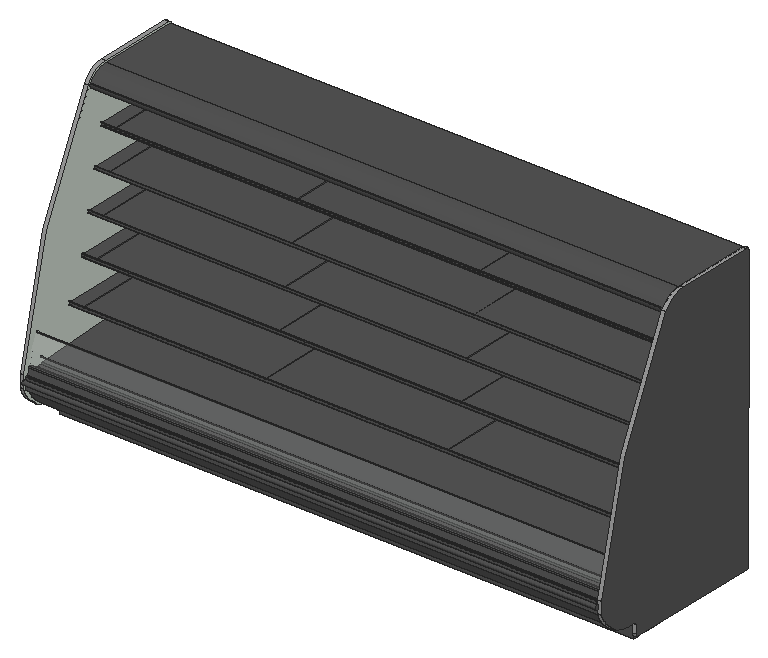
Revit family "E5_2014", category Specialty Equipment, Revit 2014
Parameters (values of type "12'-0" Length")
  Width = 144 3/8"
  Waste Drain Location = if(Width = 48 1/8", 23 7/8", if(Width = 72 1/8", 48 1/16", if(Width = 96 1/4", 71 7/8", if(Width = 144 3/8", 72 3/8", 0"))))  # 72 3/8"
  Waste Drain = 1 1/2"  # constant formula
  URL = "www.hussmann.com"
  Type Comments = "Elite"  # constant formula
  Trim = Stainless Steel
  Total Weight = Case Weight + (2 * End Weight)  # 14200.00 lbf
  Splashguard = Textured Sheet Metal (Steel Painted) - 701 Black
  Side Panel - Right [instance] = yes
  Side Panel - Left [instance] = yes
  Shelves = Sheet Metal (Steel Painted) - 701 Black
  Shelf Lights [instance] = yes
  Shelf [instance] = yes
  Revit Family Date = "05/26/2016"  # constant formula
  Refrigeration Lines Suction = 7/8"  # constant formula
  Refrigeration Lines Liquid = 3/8"  # constant formula
  Refrig. Suction = "Suction"
  Refrig. Liquid = ""
  Number of Supports = if(Width < 50", 2, if(Width < 100", 3, 4))  # 4
  Number of Shelves = 5  # constant formula
  Note from Manufacturer = "This model only comes in 4'-0\", 6'-0\", 8'-0\", and 10'-0\" lengths."
  Model URL = "http://www.hussmann.com/en/product%20viewer/display-cases/E4,%20E5"
  Model = "E5"  # constant formula
  Manufacturer Disclaimer = "The information in this file is not intended to be an exact representation of the corresponding Hussmann product.  Further, we reserve the right to change or revise specifications and product design in connection with any feature of our products. Such changes do not entitle the buyer to corresponding changes, improvements, additions, or replacements for equipment previously sold or shipped."  # constant formula
  Manufacturer = "Hussmann Corporation"  # constant formula
  Height = 73"  # constant formula
  Glazing = Glass
  Ends = Textured Sheet Metal (Steel Painted) - 701 Black
  End Weight = 100.00 lbf  # constant formula
  Description = "Self-Serve, Six-Level Display (5 Shelves plus Bottom Deck)"  # constant formula
  Depth = 46 1/2"  # constant formula
  Cutsheet URL = "http://www.hussmann.com/en/Technical%20Documents/0453529_D_E5.pdf"
  Case Weight = if(Width = 48 1/8", 800.00 lbf, if(Width = 72 1/8", 1000.00 lbf, if(Width = 96 1/4", 1200.00 lbf, if(Width = 144 3/8", 14000.00 lbf, 0.00 lbf))))  # 14000.00 lbf
  Case Interior - Side Panel = Mirror
  Case Interior - Back Panel = Sheet Metal (Steel Painted) - 701 Black
  Case = Textured Sheet Metal (Steel Painted) - 701 Black
  Bumper = Extruded PVC - 701 Black
  Assembly Code = ""
  Accessories/Options = ""
Types (4): name | Width | Waste Drain Location | Total Weight | Refrig. Liquid | Number of Supports | Case Weight
  12'-0" Length | 144 3/8" | 72 3/8" | 14200.00 lbf | "" | 4 | 14000.00 lbf
  8'-0" Length | 96 1/4" | 71 7/8" | 1400.00 lbf | "Liquid" | 3 | 1200.00 lbf
  6'-0" Length | 72 1/8" | 48 1/16" | 1200.00 lbf | "Liquid" | 3 | 1000.00 lbf
  4'-0" Length | 48 1/8" | 23 7/8" | 1000.00 lbf | "" | 2 | 800.00 lbf
Reference planes (in)
  plane 1 "Back": y = 0
  plane 2 "Bottom": z = 0
  plane 3 "Left": x = -77.30699
  plane 4 "Front": y = -46.5
  plane 5 "Center (Left/Right)": x = -5.11949
  plane 6: x = -78.30699
  plane 7 "Right": x = 67.06801
  plane 8: x = 68.06801
  plane 9 "Top": z = 73
  plane 10: z = 24
  plane 11: z = 33
  plane 12: z = 42
  plane 13: z = 51
  plane 14: z = 60
Forms (in)
  Extrusion 1, solid, material "Metal - Copper"
    sketch origin (57.40105, 5, -0.375) x (1, 0, 0) y (0, 1, 0)
      loop
        circle (0.85446, -35.75) r 0.41359
      loop
        circle (0.85446, -35.75) r 0.4375
    from 5.742 to 4.367
  Extrusion 2, solid, material "Metal - Copper"
    sketch origin (59.82608, 5, -0.375) x (1, 0, 0) y (0, 1, 0)
      loop
        circle (-0.94557, -35.75) r 0.17188
      loop
        circle (-0.94557, -35.75) r 0.1875
    from 5.742 to 4.367
  Extrusion 3, solid, material "Metal - Copper"
    sketch origin (-56.6875, 1.04319, 0) x (1, 0, 0) y (0, 1, 0)
      loop
        arc (51.75551, -27.91819) -> (51.22518, -28.13786) -> (51.00551, -28.66819) r 0.75
        arc (51.00551, -28.66819) -> (51.22518, -29.19852) -> (51.75551, -29.41819) r 0.75
        arc (51.75551, -29.41819) -> (52.28584, -29.19852) -> (52.50551, -28.66819) r 0.75
        arc (52.50551, -28.66819) -> (52.28584, -28.13786) -> (51.75551, -27.91819) r 0.75
      loop
        circle (51.75551, -28.66819) r 0.7102
    from 5.367 to 2.937
  Extrusion 4, solid, material "Glass" <- "Glazing"
    sketch origin (-5.11949, 0, 0) x (0, 1, 0) y (0, 0, 1)
      loop
        line (-44.50959, 12.88862) -> (-44.1932, 14.68294)
        arc (-44.1932, 14.68294) -> (-43.27104, 18.17525) -> (-41.78034, 21.46531) r 21.62056
        arc (-41.78034, 21.46531) -> (-41.87149, 21.7867) -> (-42.19288, 21.69555) r 0.23622
        arc (-42.19288, 21.69555) -> (-43.71615, 18.3336) -> (-44.65846, 14.76498) r 22.093
        line (-44.65846, 14.76498) -> (-44.97485, 12.97066) -> (-44.50959, 12.88862)
      loop
        line (-40.8656, 13.23102) -> (-40.6156, 13.23102) -> (-40.6156, 15.60602)
        arc (-40.6156, 15.60602) -> (-40.7406, 15.73102) -> (-40.8656, 15.60602) r 0.125
        line (-40.8656, 15.60602) -> (-40.8656, 13.23102)
    from 72.1875 to -72.1875
  Extrusion 5, solid, material "Extruded PVC - 701 Black" <- "Bumper"
    sketch origin (-5.11949, 0, 0) x (0, 1, 0) y (0, 0, 1)
      loop
        arc (-45.94659, 12.55351) -> (-46.50009, 12.00001) -> (-45.94659, 11.44651) r 0.5535
        line (-45.94659, 11.44651) -> (-45.67609, 11.44651) -> (-45.67609, 12.55351) -> (-45.94659, 12.55351)
    from 72.1875 to -72.1875
  Extrusion 6, solid, material "Textured Sheet Metal (Steel Painted) - 701 Black" <- "Case"
    sketch origin (-5.11949, 0, 0) x (0, 1, 0) y (0, 0, 1)
      loop
        line (-45.67609, 10.24862) -> (-44.73721, 10.24862)
        arc (-44.73721, 10.24862) -> (-41.75268, 5.96635) -> (-36.79912, 4.3209) r 8.279
        line (-36.79912, 4.3209) -> (-36.06134, 4.3209) -> (-36.06134, 4.38714) -> (-36.43529, 4.38714) -> (-36.43529, 4.854) -> (-33.93228, 4.854) -> (-33.93228, 5.326) -> (-33.43228, 5.326) -> (-33.43228, 5.423) -> (-10.24695, 5.423) -> (-3.25, 9.46027) -> (-3.25, 58.497) -> (-0.144, 58.497) -> (-0.144, 57.497) -> (0, 57.497) -> (0, 73.00039) -> (-20.44085, 73.00039)
        arc (-20.44085, 73.00039) -> (-23.16891, 72.26062) -> (-25.30962, 70.41482) r 6.37988
        arc (-25.30962, 70.41482) -> (-25.35515, 70.32972) -> (-25.37453, 70.23517) r 0.335
        arc (-25.37453, 70.23517) -> (-25.1863, 69.50019) -> (-24.60768, 69.00946) r 1.25
        arc (-24.60768, 69.00946) -> (-24.55537, 69.03098) -> (-24.57689, 69.0833) r 0.04
        arc (-24.57689, 69.0833) -> (-24.83632, 69.23301) -> (-25.04923, 69.44369) r 1.17
        line (-25.04923, 69.44369) -> (-23.91618, 71.40653) -> (-20.45439, 71.40653) -> (-20.45439, 70.55204) -> (-19.22382, 69.32147) -> (-18.95423, 69.59106) -> (-16.62259, 67.25926) -> (-15.73735, 68.14442) -> (-9.61528, 68.14442) -> (-9.61528, 11.262) -> (-38.9886, 11.262) -> (-38.9886, 12.43402) -> (-38.78944, 12.43402) -> (-38.78944, 13.23102) -> (-40.8656, 13.23102) -> (-40.8656, 13.99702) -> (-42.17486, 13.99702) -> (-42.17486, 14.06002) -> (-44.10112, 15.17215)
        arc (-44.10112, 15.17215) -> (-44.14857, 14.92781) -> (-44.1932, 14.68294) r 21.62056
        line (-44.1932, 14.68294) -> (-44.50959, 12.88862) -> (-44.97485, 12.97066) -> (-44.65846, 14.76498)
        arc (-44.65846, 14.76498) -> (-44.62227, 14.96484) -> (-44.58425, 15.16436) r 22.093
        line (-44.58425, 15.16436) -> (-44.64216, 15.17567)
        arc (-44.64216, 15.17567) -> (-44.68028, 14.97562) -> (-44.71657, 14.77522) r 22.152
        line (-44.71657, 14.77522) -> (-44.98681, 13.24262) -> (-45.58709, 13.24262)
        arc (-45.58709, 13.24262) -> (-45.65002, 13.21655) -> (-45.67609, 13.15362) r 0.089
        line (-45.67609, 13.15362) -> (-45.67609, 10.24862)
    from 72.1875 to -72.1875
  Extrusion 7, solid, material "Sheet Metal (Steel Painted) - 701 Black" <- "Shelves"
    sketch origin (-5.11949, 0, 0) x (0, 1, 0) y (0, 0, 1)
      loop
        line (-9.67192, 15.84168) -> (-40.5277, 14.22713) -> (-40.48501, 13.41115) -> (-9.62922, 15.0257) -> (-9.67192, 15.84168)
    from 72.1875 to -72.1875
  Extrusion 8, solid, material "Textured Sheet Metal (Steel Painted) - 701 Black" <- "Splashguard"
    sketch origin (-5.11949, 0, 0) x (0, 1, 0) y (0, 0, 1)
      loop
        line (-34.07685, 4.28551) -> (-34.28029, 4.28551) -> (-34.28029, 4.854) -> (-34.93629, 4.854) -> (-34.93629, 4.783) -> (-34.35129, 4.783) -> (-34.35129, 4.28551) -> (-34.62571, 4.28551) -> (-34.62571, 0) -> (-34.07685, 0) -> (-34.07685, 4.28551)
      loop
        line (-33.80428, 0) -> (-28.40228, 0) -> (-28.40228, 1.984) -> (-28.94928, 1.984) -> (-28.94928, 0.547) -> (-33.80428, 0.547) -> (-33.80428, 0)
    from 72.1875 to -72.1875
  Extrusion 9, solid, material "Stainless Steel"
    sketch origin (-5.11949, 0, 0) x (0, 1, 0) y (0, 0, 1)
      loop
        line (-26.08128, 0.071) -> (-28.33128, 0.071) -> (-28.33128, 2.173) -> (-29.27728, 2.173) -> (-29.27728, 2.102) -> (-28.40228, 2.102) -> (-28.40228, 0) -> (-26.01028, 0) -> (-26.01028, 2.102) -> (-25.13528, 2.102) -> (-25.13528, 2.173) -> (-26.08128, 2.173) -> (-26.08128, 0.071)
      loop
        line (-7.63528, 2.173) -> (-7.63528, 2.102) -> (-6.76028, 2.102) -> (-6.76028, 0) -> (-4.36828, 0) -> (-4.36828, 2.102) -> (-3.49328, 2.102) -> (-3.49328, 2.173) -> (-4.43928, 2.173) -> (-4.43928, 0.071) -> (-6.68928, 0.071) -> (-6.68928, 2.173) -> (-7.63528, 2.173)
    from 72.1875 to -72.1875
  Extrusion 10, solid, material "Textured Sheet Metal (Steel Painted) - 701 Black" <- "Ends", visible <- "Side Panel - Left"
    sketch origin (-77.30699, 0, 0) x (0, 1, 0) y (0, 0, 1)
      loop
        arc (-25.68265, 70.11761) -> (-38.61521, 42.88607) -> (-45.83963, 13.61786) r 150
        line (-45.83963, 13.61786) -> (-45.83963, 10.47002)
        arc (-45.83963, 10.47002) -> (-42.57563, 5.93509) -> (-37.26425, 4.20058) r 8.99945
        line (-37.26425, 4.20058) -> (-35.51835, 4.20058)
        arc (-35.51835, 4.20058) -> (-35.16482, 4.05415) -> (-35.01838, 3.70061) r 0.49997
        line (-35.01838, 3.70061) -> (-35.01838, 1.34961)
        arc (-35.01838, 1.34961) -> (-34.87194, 0.99608) -> (-34.51841, 0.84964) r 0.49997
        line (-34.51841, 0.84964) -> (-0.3104, 0.84964)
        arc (-0.3104, 0.84964) -> (0.04314, 0.99608) -> (0.18957, 1.34961) r 0.49997
        line (0.18957, 1.34961) -> (0.18957, 72.75345)
        arc (0.18957, 72.75345) -> (0.04314, 73.10699) -> (-0.3104, 73.25342) r 0.49997
        line (-0.3104, 73.25342) -> (-20.12119, 73.25342)
        arc (-20.12119, 73.25342) -> (-23.31349, 72.41545) -> (-25.68265, 70.11761) r 6.49961
    from 0 to -1
  Extrusion 11, solid, material "Textured Sheet Metal (Steel Painted) - 701 Black" <- "Ends", visible <- "Side Panel - Right"
    sketch origin (67.06801, 0, 0) x (0, 0, 1) y (0, -1, 0)
      loop
        arc (70.11763, 25.68264) -> (42.88607, 38.61521) -> (13.61786, 45.83963) r 150
        line (13.61786, 45.83963) -> (10.47002, 45.83963)
        arc (10.47002, 45.83963) -> (5.93509, 42.57563) -> (4.20058, 37.26425) r 8.99945
        line (4.20058, 37.26425) -> (4.20058, 35.51835)
        arc (4.20058, 35.51835) -> (4.05415, 35.16482) -> (3.70061, 35.01838) r 0.49997
        line (3.70061, 35.01838) -> (1.34961, 35.01838)
        arc (1.34961, 35.01838) -> (0.99608, 34.87194) -> (0.84964, 34.51841) r 0.49997
        line (0.84964, 34.51841) -> (0.84964, 0.3104)
        arc (0.84964, 0.3104) -> (0.99608, -0.04314) -> (1.34961, -0.18957) r 0.49997
        line (1.34961, -0.18957) -> (72.75345, -0.18957)
        arc (72.75345, -0.18957) -> (73.10699, -0.04314) -> (73.25342, 0.3104) r 0.49997
        line (73.25342, 0.3104) -> (73.25342, 20.12119)
        arc (73.25342, 20.12119) -> (72.41546, 23.31348) -> (70.11763, 25.68264) r 6.49961
    from 1 to 0
  Extrusion 12, solid, material "Metal - Copper"
    sketch origin (57.40105, 5, -0.375) x (1, 0, 0) y (0, 1, 0)
      loop
        circle (0.85446, -35.75) r 0.41359
      loop
        circle (0.85446, -35.75) r 0.4375
    from 5.798 to 4.367
  Extrusion 13, solid, material "Metal - Copper"
    sketch origin (59.82608, 5, -0.375) x (1, 0, 0) y (0, 1, 0)
      loop
        circle (-0.94557, -35.75) r 0.17188
      loop
        circle (-0.94557, -35.75) r 0.1875
    from 5.798 to 4.367
  Extrusion 14, solid, material "Sheet Metal (Steel Painted) - 701 Black" <- "Shelves", visible <- "Shelf"
    sketch origin (-77.30699, 0, 0) x (0, 1, 0) y (0, 0, 1)
      loop
        line (-21.83741, 59.38588) -> (-21.63861, 59.58468) -> (-21.67113, 59.58468) -> (-21.85367, 59.40214)
        arc (-21.85367, 59.40214) -> (-21.87002, 59.39889) -> (-21.87928, 59.41275) r 0.015
        line (-21.87928, 59.41275) -> (-21.87928, 60.058)
        arc (-21.87928, 60.058) -> (-21.81666, 60.13197) -> (-21.73337, 60.08242) r 0.075
        line (-21.73337, 60.08242) -> (-21.70589, 60.00263)
        arc (-21.70589, 60.00263) -> (-21.69203, 59.98406) -> (-21.66997, 59.977) r 0.038
        line (-21.66997, 59.977) -> (-9.83349, 59.977) -> (-9.85649, 60) -> (-21.68067, 60) -> (-21.71162, 60.0899)
        arc (-21.71162, 60.0899) -> (-21.82046, 60.15465) -> (-21.90228, 60.058) r 0.098
        line (-21.90228, 60.058) -> (-21.90228, 59.41275)
        arc (-21.90228, 59.41275) -> (-21.87882, 59.37764) -> (-21.83741, 59.38588) r 0.038
      loop
        line (-27.83741, 32.38588) -> (-27.63861, 32.58468) -> (-27.67113, 32.58468) -> (-27.85367, 32.40214)
        arc (-27.85367, 32.40214) -> (-27.87002, 32.39889) -> (-27.87928, 32.41275) r 0.015
        line (-27.87928, 32.41275) -> (-27.87928, 33.058)
        arc (-27.87928, 33.058) -> (-27.81666, 33.13197) -> (-27.73337, 33.08242) r 0.075
        line (-27.73337, 33.08242) -> (-27.70589, 33.00263)
        arc (-27.70589, 33.00263) -> (-27.69203, 32.98406) -> (-27.66997, 32.977) r 0.038
        line (-27.66997, 32.977) -> (-9.83349, 32.977) -> (-9.85649, 33) -> (-27.68067, 33) -> (-27.71162, 33.0899)
        arc (-27.71162, 33.0899) -> (-27.82046, 33.15465) -> (-27.90228, 33.058) r 0.098
        line (-27.90228, 33.058) -> (-27.90228, 32.41275)
        arc (-27.90228, 32.41275) -> (-27.87882, 32.37764) -> (-27.83741, 32.38588) r 0.038
      loop
        line (-31.83741, 23.38588) -> (-31.63861, 23.58468) -> (-31.67113, 23.58468) -> (-31.85367, 23.40214)
        arc (-31.85367, 23.40214) -> (-31.87002, 23.39889) -> (-31.87928, 23.41275) r 0.015
        line (-31.87928, 23.41275) -> (-31.87928, 24.058)
        arc (-31.87928, 24.058) -> (-31.81666, 24.13197) -> (-31.73337, 24.08242) r 0.075
        line (-31.73337, 24.08242) -> (-31.70589, 24.00263)
        arc (-31.70589, 24.00263) -> (-31.69203, 23.98406) -> (-31.66997, 23.977) r 0.038
        line (-31.66997, 23.977) -> (-9.83349, 23.977) -> (-9.85649, 24) -> (-31.68067, 24) -> (-31.71162, 24.0899)
        arc (-31.71162, 24.0899) -> (-31.82046, 24.15465) -> (-31.90228, 24.058) r 0.098
        line (-31.90228, 24.058) -> (-31.90228, 23.41275)
        arc (-31.90228, 23.41275) -> (-31.87882, 23.37764) -> (-31.83741, 23.38588) r 0.038
      loop
        line (-23.83741, 50.38588) -> (-23.63861, 50.58468) -> (-23.67113, 50.58468) -> (-23.85367, 50.40214)
        arc (-23.85367, 50.40214) -> (-23.87002, 50.39889) -> (-23.87928, 50.41275) r 0.015
        line (-23.87928, 50.41275) -> (-23.87928, 51.058)
        arc (-23.87928, 51.058) -> (-23.81666, 51.13197) -> (-23.73337, 51.08242) r 0.075
        line (-23.73337, 51.08242) -> (-23.70589, 51.00263)
        arc (-23.70589, 51.00263) -> (-23.69203, 50.98406) -> (-23.66997, 50.977) r 0.038
        line (-23.66997, 50.977) -> (-9.83349, 50.977) -> (-9.85649, 51) -> (-23.68067, 51) -> (-23.71162, 51.0899)
        arc (-23.71162, 51.0899) -> (-23.82046, 51.15465) -> (-23.90228, 51.058) r 0.098
        line (-23.90228, 51.058) -> (-23.90228, 50.41275)
        arc (-23.90228, 50.41275) -> (-23.87882, 50.37764) -> (-23.83741, 50.38588) r 0.038
      loop
        line (-25.83741, 41.38588) -> (-25.63861, 41.58468) -> (-25.67113, 41.58468) -> (-25.85367, 41.40214)
        arc (-25.85367, 41.40214) -> (-25.87002, 41.39889) -> (-25.87928, 41.41275) r 0.015
        line (-25.87928, 41.41275) -> (-25.87928, 42.058)
        arc (-25.87928, 42.058) -> (-25.81666, 42.13197) -> (-25.73337, 42.08242) r 0.075
        line (-25.73337, 42.08242) -> (-25.70589, 42.00263)
        arc (-25.70589, 42.00263) -> (-25.69203, 41.98406) -> (-25.66997, 41.977) r 0.038
        line (-25.66997, 41.977) -> (-9.83349, 41.977) -> (-9.85649, 42) -> (-25.68067, 42) -> (-25.71162, 42.0899)
        arc (-25.71162, 42.0899) -> (-25.82046, 42.15465) -> (-25.90228, 42.058) r 0.098
        line (-25.90228, 42.058) -> (-25.90228, 41.41275)
        arc (-25.90228, 41.41275) -> (-25.87882, 41.37764) -> (-25.83741, 41.38588) r 0.038
    from 0 to 144.375
Lines and regions (in)
  reference lines
    curve 1: line (-73.80699, -46.5, 0) -> (-73.80699, 0, 0)
    curve 2: line (-4.93199, -46.5, 0) -> (-4.93199, 0, 0)
    curve 3: line (63.56801, -46.5, 0) -> (63.56801, 0, 0)
    curve 4: line (58.69301, -46.5, 0) -> (58.69301, 0, 0)
    curve 5: line (-77.30699, -27.625, 0) -> (67.06801, -27.625, 0)
    curve 6: line (67.06801, -30.75, 0) -> (-77.30699, -30.75, 0)
Dimensions and locks (in)
  equal spacing: plane 3 "Left", plane 5 "Center (Left/Right)", plane 7 "Right"
  locked: plane 6 to plane 3 "Left" at 1
  "Width": plane 3 "Left" to plane 7 "Right"
  locked: plane 3 "Left" to curve 1 at 3.5
  "Waste Drain Location": plane 3 "Left" to curve 2
  locked: curve 3 to plane 7 "Right" at 3.5
  "Depth": plane 4 "Front" to plane 1 "Back"
  locked: curve 4 to plane 7 "Right" at 8.375
  plane 9 "Top" to level = 73"
  locked: plane 1 "Back" to curve 5 at 27.625
  locked: plane 1 "Back" to curve 6 at 30.75
  locked: plane 7 "Right" to plane 8 at 1
  locked: Extrusion 3 sketch curve to Extrusion 3 sketch curve at 0.0398
  locked: Extrusion 2 sketch curve to Extrusion 2 sketch curve at 0.01562
  locked: Extrusion 1 sketch curve to Extrusion 1 sketch curve at 0.02391
  locked: Extrusion 13 sketch curve to Extrusion 13 sketch curve at 0.01562
  locked: Extrusion 12 sketch curve to Extrusion 12 sketch curve at 0.02391
  equal spacing: group 1, group 3, group 4, group 2  (x3)
  plane 10 to level = 24"
  level to plane 11 = 33"
  plane 12 to level = 42"
  level to plane 13 = 51"
  level to plane 14 = 60"
  "Waste Drain": diameter of Extrusion 3 sketch curve
  "Refrigeration Lines Liquid": diameter of Extrusion 2 sketch curve
  "Refrigeration Lines Suction": diameter of Extrusion 1 sketch curve
  "Refrigeration Lines Liquid": diameter of Extrusion 13 sketch curve
  "Refrigeration Lines Suction": diameter of Extrusion 12 sketch curve
  aligned and locked: plane 4 "Front" to curve 3
  aligned and locked: plane 4 "Front" to curve 2
  aligned and locked: plane 4 "Front" to curve 1
  aligned and locked: plane 3 "Left" to curve 5
  aligned and locked: plane 3 "Left" to curve 6
  aligned and locked: plane 7 "Right" to curve 6
  aligned and locked: plane 7 "Right" to curve 5
  aligned and locked: curve 6 to Extrusion 2 sketch curve  (x4)
  aligned and locked: curve 6 to Extrusion 1 sketch curve  (x4)
  aligned and locked: curve 5 to Extrusion 3 sketch curve
  aligned and locked: curve 2 to Extrusion 3 sketch curve
  aligned and locked: curve 4 to Extrusion 2 sketch curve
  aligned and locked: curve 4 to Extrusion 1 sketch curve
  aligned and locked: Extrusion 4 to plane 3 "Left"
  aligned and locked: plane 7 "Right" to Extrusion 4
  aligned and locked: Extrusion 5 to plane 3 "Left"
  aligned and locked: plane 7 "Right" to Extrusion 5
  aligned and locked: Extrusion 6 to plane 3 "Left"
  aligned and locked: plane 7 "Right" to Extrusion 6
  aligned and locked: Extrusion 7 to plane 3 "Left"
  aligned and locked: plane 7 "Right" to Extrusion 7
  aligned and locked: Extrusion 8 to plane 3 "Left"
  aligned and locked: plane 7 "Right" to Extrusion 8
  aligned and locked: Extrusion 9 to plane 3 "Left"
  aligned and locked: plane 7 "Right" to Extrusion 9
  aligned and locked: plane 3 "Left" to nested 1
  aligned and locked: plane 3 "Left" to nested 2
  aligned and locked: plane 6 to Extrusion 10
  aligned and locked: plane 3 "Left" to Extrusion 10
  aligned and locked: plane 8 to Extrusion 11
  aligned and locked: Extrusion 11 to plane 7 "Right"
  aligned and locked: curve 1 to nested 7
  aligned and locked: curve 3 to nested 8
  aligned and locked: Extrusion 14 to plane 3 "Left"
  aligned and locked: plane 7 "Right" to Extrusion 14
  aligned and locked: curve 1 to nested 11
  aligned and locked: curve 1 to nested 3
  aligned and locked: curve 1 to nested 14
  aligned and locked: curve 1 to nested 4
  aligned and locked: curve 1 to nested 12
  aligned and locked: curve 3 to nested 9
  aligned and locked: plane 3 "Left" to nested 15
  aligned and locked: plane 3 "Left" to nested 16
  aligned and locked: plane 3 "Left" to nested 17
  aligned and locked: plane 3 "Left" to nested 18
  aligned and locked: plane 3 "Left" to nested 19
Automatic sketch dimensions
  Extrusion 4 sketch curve to Extrusion 4 sketch curve = 0"  (x3)
  plane 4 "Front" to Extrusion 4 sketch curve = 1.52515"
  Extrusion 4 sketch curve to Extrusion 4 sketch curve = 81/256"
  Extrusion 4 sketch curve to Extrusion 4 sketch curve = 0.46526"  (x2)
  plane 4 "Front" to Extrusion 4 sketch curve = 4.51339"
  Extrusion 4 sketch curve to Extrusion 4 sketch curve = 3.3276"
  Extrusion 4 sketch curve to Extrusion 4 sketch curve = 1/8"
  level to Extrusion 4 sketch curve = 10.92857"
  Extrusion 4 sketch curve to Extrusion 4 sketch curve = 17.71449"
  level to Extrusion 4 sketch curve = 12.88862"
  Extrusion 4 sketch curve to Extrusion 4 sketch curve = 21/256"
  Extrusion 4 sketch curve to Extrusion 4 sketch curve = 0.92309"
  Extrusion 4 sketch curve to Extrusion 4 sketch curve = 5.97441"
  Extrusion 4 sketch curve to Extrusion 4 sketch curve = 2 3/8"
  plane 4 "Front" to Extrusion 5 sketch curve = 0.55341"
  level to Extrusion 5 sketch curve = 11.44651"
  Extrusion 5 sketch curve to Extrusion 5 sketch curve = 0.5535"
  Extrusion 5 sketch curve to Extrusion 5 sketch curve = 0.2705"
  plane 4 "Front" to Extrusion 7 sketch curve = 5.9723"
  Extrusion 7 sketch curve to Extrusion 7 sketch curve = 0.0427"
  plane 1 "Back" to Extrusion 7 sketch curve = 9.67192"
  level to Extrusion 7 sketch curve = 13.41115"
  Extrusion 7 sketch curve to Extrusion 7 sketch curve = 0.81598"
  Extrusion 8 sketch curve to level = 0"  (x2)
  level to Extrusion 8 sketch curve = 4.854"
  plane 4 "Front" to Extrusion 8 sketch curve = 11.56371"
  Extrusion 8 sketch curve to Extrusion 8 sketch curve = 0.31058"
  Extrusion 8 sketch curve to Extrusion 8 sketch curve = 0.27442"
  Extrusion 8 sketch curve to Extrusion 8 sketch curve = 0.071"  (x2)
  Extrusion 8 sketch curve to Extrusion 8 sketch curve = 0.54886"
  Extrusion 8 sketch curve to Extrusion 8 sketch curve = 0.27257"
  level to Extrusion 8 sketch curve = 1.984"
  Extrusion 8 sketch curve to Extrusion 8 sketch curve = 4.855"
  Extrusion 8 sketch curve to Extrusion 8 sketch curve = 0.547"  (x2)
  Extrusion 8 sketch curve to Extrusion 8 sketch curve = 0.56849"
  Extrusion 8 sketch curve to Extrusion 8 sketch curve = 0"
  Extrusion 9 sketch curve to level = 0"  (x2)
  level to Extrusion 9 sketch curve = 2.173"
  plane 4 "Front" to Extrusion 9 sketch curve = 17.22272"
  Extrusion 9 sketch curve to Extrusion 9 sketch curve = 7/8"  (x4)
  Extrusion 9 sketch curve to Extrusion 9 sketch curve = 0.071"  (x8)
  Extrusion 9 sketch curve to Extrusion 9 sketch curve = 2 1/4"  (x2)
  level to Extrusion 9 sketch curve = 2.102"  (x2)
  plane 1 "Back" to Extrusion 9 sketch curve = 7.63528"
  level to Extrusion 9 sketch curve = 0.071"  (x2)
  Extrusion 9 sketch curve to Extrusion 9 sketch curve = 2.031"
  plane 1 "Back" to Extrusion 10 sketch curve = 20.12119"
  Extrusion 10 sketch curve to Extrusion 10 sketch curve = 8.57538"
  Extrusion 10 sketch curve to Extrusion 10 sketch curve = 0.41783"
  Extrusion 10 sketch curve to Extrusion 10 sketch curve = 1.7459"
  Extrusion 10 sketch curve to Extrusion 10 sketch curve = 0.49997"  (x2)
  level to Extrusion 10 sketch curve = 1.34961"
  plane 1 "Back" to Extrusion 10 sketch curve = 0.3104"  (x2)
  Extrusion 10 sketch curve to plane 1 "Back" = 0.18957"
  level to Extrusion 11 sketch curve = 0.84964"
  Extrusion 11 sketch curve to plane 1 "Back" = 0.18957"
  Extrusion 11 sketch curve to Extrusion 11 sketch curve = 0.49997"  (x3)
  Extrusion 11 sketch curve to Extrusion 11 sketch curve = 2.351"
  plane 4 "Front" to Extrusion 11 sketch curve = 0.66037"
  level to Extrusion 11 sketch curve = 10.47002"
  Extrusion 11 sketch curve to Extrusion 11 sketch curve = 2.73002"
  Extrusion 11 sketch curve to Extrusion 11 sketch curve = 3.14785"
  Extrusion 11 sketch curve to Extrusion 11 sketch curve = 19.8108"
  Extrusion 11 sketch curve to Extrusion 11 sketch curve = 2.74584"
  Extrusion 10 sketch curve to Extrusion 10 sketch curve = 2.351"
  plane 9 "Top" to Extrusion 10 sketch curve = 6.24618"
  Extrusion 10 sketch curve to Extrusion 10 sketch curve = 5.99964"
  plane 9 "Top" to Extrusion 11 sketch curve = 6.24618"
  plane 1 "Back" to Extrusion 11 sketch curve = 0.3104"
  Extrusion 11 sketch curve to Extrusion 11 sketch curve = 5.99964"
  plane 9 "Top" to Extrusion 11 sketch curve = 2.88237"
  Extrusion 11 sketch curve to level = 7.51251"
  Extrusion 11 sketch curve to Extrusion 11 sketch curve = 0.00095"
  Extrusion 11 sketch curve to Extrusion 11 sketch curve = 0.00156"
  plane 4 "Front" to Extrusion 10 sketch curve = 11.98159"
  plane 9 "Top" to Extrusion 10 sketch curve = 2.88239"
  Extrusion 10 sketch curve to level = 7.51251"
  Extrusion 10 sketch curve to plane 1 "Back" = 102.6646"
  Extrusion 10 sketch curve to Extrusion 10 sketch curve = 0.00156"
  Extrusion 10 sketch curve to Extrusion 10 sketch curve = 3.14785"
  Extrusion 14 sketch curve to Extrusion 14 sketch curve = 0"  (x27)
  plane 10 to Extrusion 14 sketch curve = 0"
  plane 12 to Extrusion 14 sketch curve = 0"
  plane 13 to Extrusion 14 sketch curve = 0"
  plane 14 to Extrusion 14 sketch curve = 0"
  plane 10 to Extrusion 14 sketch curve = 0.58725"
  plane 4 "Front" to Extrusion 14 sketch curve = 14.59772"
  Extrusion 14 sketch curve to Extrusion 14 sketch curve = 0.023"  (x11)
  Extrusion 14 sketch curve to Extrusion 14 sketch curve = 0.015"  (x5)
  plane 10 to Extrusion 14 sketch curve = 0.59786"
  plane 10 to Extrusion 14 sketch curve = 0.61412"
  Extrusion 14 sketch curve to plane 10 = 0.058"
  Extrusion 14 sketch curve to Extrusion 14 sketch curve = 0.075"  (x5)
  Extrusion 14 sketch curve to plane 10 = 0.08242"
  Extrusion 14 sketch curve to plane 10 = 0.0899"
  Extrusion 14 sketch curve to plane 10 = 0.00263"
  Extrusion 14 sketch curve to Extrusion 14 sketch curve = 0.02747"  (x5)
  Extrusion 14 sketch curve to Extrusion 14 sketch curve = 0.02523"  (x5)
  Extrusion 14 sketch curve to Extrusion 14 sketch curve = 0.18254"  (x5)
  Extrusion 14 sketch curve to Extrusion 14 sketch curve = 0.0107"  (x5)
  Extrusion 14 sketch curve to Extrusion 14 sketch curve = 0.03253"  (x5)
  plane 11 to Extrusion 14 sketch curve = 0.58725"
  Extrusion 14 sketch curve to Extrusion 14 sketch curve = 3.80934"
  plane 11 to Extrusion 14 sketch curve = 0.59786"
  plane 11 to Extrusion 14 sketch curve = 0.61412"
  Extrusion 14 sketch curve to plane 11 = 0.08242"
  Extrusion 14 sketch curve to Extrusion 14 sketch curve = 0.07091"
  Extrusion 14 sketch curve to plane 11 = 0.0899"
  Extrusion 14 sketch curve to plane 11 = 0.00263"
  plane 13 to Extrusion 14 sketch curve = 0.58725"
  plane 12 to Extrusion 14 sketch curve = 0.58725"
  plane 12 to Extrusion 14 sketch curve = 0.59786"
  plane 13 to Extrusion 14 sketch curve = 0.59786"
  plane 13 to Extrusion 14 sketch curve = 0.61412"
  plane 12 to Extrusion 14 sketch curve = 0.61412"
  Extrusion 14 sketch curve to plane 13 = 0.058"
  Extrusion 14 sketch curve to plane 12 = 0.058"
  Extrusion 14 sketch curve to plane 13 = 0.08242"
  Extrusion 14 sketch curve to plane 12 = 0.08242"
  Extrusion 14 sketch curve to plane 13 = 0.0899"
  Extrusion 14 sketch curve to plane 12 = 0.0899"
  Extrusion 14 sketch curve to plane 13 = 0.00263"
  Extrusion 14 sketch curve to plane 12 = 0.00263"
  plane 12 to Extrusion 14 sketch curve = 0.41532"
  plane 13 to Extrusion 14 sketch curve = 0.41532"
  Extrusion 14 sketch curve to plane 14 = 0.058"
  Extrusion 14 sketch curve to Extrusion 14 sketch curve = 1.80934"
  plane 14 to Extrusion 14 sketch curve = 0.59786"
  Extrusion 14 sketch curve to Extrusion 14 sketch curve = 0.01061"
  plane 14 to Extrusion 14 sketch curve = 0.61412"
  Extrusion 14 sketch curve to plane 14 = 0.08242"
  Extrusion 14 sketch curve to plane 14 = 0.0899"
  Extrusion 14 sketch curve to plane 14 = 0.00263"
  plane 14 to Extrusion 14 sketch curve = 0.41532"
  plane 1 "Back" to Extrusion 14 sketch curve = 9.85649"  (x3)
  Extrusion 14 sketch curve to plane 11 = 0"
  plane 10 to Extrusion 14 sketch curve = 0.023"
  plane 12 to Extrusion 14 sketch curve = 0.023"
  plane 11 to Extrusion 14 sketch curve = 0.023"
  Extrusion 14 sketch curve to Extrusion 14 sketch curve = 0.1988"  (x2)
  plane 13 to Extrusion 14 sketch curve = 0.023"
  plane 14 to Extrusion 14 sketch curve = 0.023"
  Extrusion 14 sketch curve to Extrusion 14 sketch curve = 14.04579"
  Extrusion 14 sketch curve to Extrusion 14 sketch curve = 2.06487"
  Extrusion 6 sketch curve to Extrusion 6 sketch curve = 0"  (x9)
  plane 1 "Back" to Extrusion 6 sketch curve = 0.144"
  Extrusion 6 sketch curve to Extrusion 6 sketch curve = 6.36528"
  Extrusion 6 sketch curve to Extrusion 6 sketch curve = 0.63167"
  Extrusion 6 sketch curve to Extrusion 6 sketch curve = 6.12207"
  plane 9 "Top" to Extrusion 6 sketch curve = 5.74074"
  Extrusion 6 sketch curve to Extrusion 6 sketch curve = 0.88523"
  plane 9 "Top" to Extrusion 6 sketch curve = 3.40894"
  Extrusion 6 sketch curve to Extrusion 6 sketch curve = 2.33164"
  plane 9 "Top" to Extrusion 6 sketch curve = 3.67853"
  Extrusion 6 sketch curve to Extrusion 6 sketch curve = 0.26959"
  Extrusion 6 sketch curve to Extrusion 6 sketch curve = 0.9528"
  Extrusion 6 sketch curve to plane 9 "Top" = 0.00039"
  Extrusion 6 sketch curve to Extrusion 6 sketch curve = 1.48662"
  Extrusion 6 sketch curve to Extrusion 6 sketch curve = 0.01354"
  Extrusion 6 sketch curve to Extrusion 6 sketch curve = 13.28582"
  plane 9 "Top" to Extrusion 6 sketch curve = 1.59347"
  Extrusion 6 sketch curve to Extrusion 6 sketch curve = 3.46179"
  Extrusion 6 sketch curve to Extrusion 6 sketch curve = 0.21043"
  Extrusion 6 sketch curve to Extrusion 6 sketch curve = 0.46568"
  Extrusion 6 sketch curve to Extrusion 6 sketch curve = 0.91348"
  plane 9 "Top" to Extrusion 6 sketch curve = 3.55631"
  Extrusion 6 sketch curve to Extrusion 6 sketch curve = 0.45695"
  level to Extrusion 6 sketch curve = 5.326"
  Extrusion 6 sketch curve to Extrusion 6 sketch curve = 10.53118"
  Extrusion 6 sketch curve to Extrusion 6 sketch curve = 1/2"
  Extrusion 6 sketch curve to Extrusion 6 sketch curve = 2.12906"
  Extrusion 6 sketch curve to Extrusion 6 sketch curve = 0.37395"
  Extrusion 6 sketch curve to Extrusion 6 sketch curve = 0.36383"
  Extrusion 6 sketch curve to Extrusion 6 sketch curve = 1.99032"
  Extrusion 6 sketch curve to Extrusion 6 sketch curve = 0.19916"
  Extrusion 6 sketch curve to Extrusion 6 sketch curve = 2.07616"
  Extrusion 6 sketch curve to Extrusion 6 sketch curve = 1.30926"
  Extrusion 6 sketch curve to Extrusion 6 sketch curve = 1.92626"
  Extrusion 6 sketch curve to Extrusion 6 sketch curve = 0.09208"
  Extrusion 6 sketch curve to Extrusion 6 sketch curve = 81/256"
  Extrusion 6 sketch curve to Extrusion 6 sketch curve = 0.48313"
  Extrusion 6 sketch curve to Extrusion 6 sketch curve = 0.05791"
  Extrusion 6 sketch curve to Extrusion 6 sketch curve = 19/256"
  Extrusion 6 sketch curve to Extrusion 6 sketch curve = 0.0581"
  plane 4 "Front" to Extrusion 6 sketch curve = 1.76279"
  Extrusion 6 sketch curve to Extrusion 6 sketch curve = 0.46526"
  Extrusion 6 sketch curve to Extrusion 6 sketch curve = 0.01196"
  Extrusion 6 sketch curve to Extrusion 6 sketch curve = 0.60029"
  plane 4 "Front" to Extrusion 6 sketch curve = 0.82391"
  Extrusion 6 sketch curve to Extrusion 6 sketch curve = 0.472"
  Extrusion 6 sketch curve to Extrusion 6 sketch curve = 0.46685"
  Extrusion 6 sketch curve to Extrusion 6 sketch curve = 0.06624"
  Extrusion 6 sketch curve to Extrusion 6 sketch curve = 0.097"
  Extrusion 6 sketch curve to Extrusion 6 sketch curve = 4.03727"
  Extrusion 6 sketch curve to Extrusion 6 sketch curve = 5.39462"
  level to Extrusion 6 sketch curve = 10.92857"
  Extrusion 6 sketch curve to Extrusion 6 sketch curve = 5.839"
  Extrusion 6 sketch curve to Extrusion 6 sketch curve = 1.17202"
  Extrusion 6 sketch curve to Extrusion 6 sketch curve = 2.64"
  Extrusion 6 sketch curve to Extrusion 6 sketch curve = 21/256"
  Extrusion 6 sketch curve to Extrusion 6 sketch curve = 0.18296"
  Extrusion 6 sketch curve to Extrusion 6 sketch curve = 0.797"
  Extrusion 6 sketch curve to Extrusion 6 sketch curve = 0.766"
  Extrusion 6 sketch curve to Extrusion 6 sketch curve = 0.063"
  Extrusion 6 sketch curve to Extrusion 6 sketch curve = 0.01025"
  plane 14 to Extrusion 6 sketch curve = 1.503"
  Extrusion 6 sketch curve to Extrusion 6 sketch curve = 2.69548"
  Extrusion 6 sketch curve to Extrusion 6 sketch curve = 0.39732"
  Extrusion 6 sketch curve to Extrusion 6 sketch curve = 0.71948"
  Extrusion 6 sketch curve to Extrusion 6 sketch curve = 0.77218"
  Extrusion 6 sketch curve to Extrusion 6 sketch curve = 3.106"
  Extrusion 6 sketch curve to plane 1 "Back" = 0"
  Extrusion 6 sketch curve to Extrusion 6 sketch curve = 1"
  Extrusion 1 sketch curve to Extrusion 1 sketch curve = 0"
  Extrusion 2 sketch curve to Extrusion 2 sketch curve = 0"
  curve 4 to plane 4 "Front" = 0"
  plane 1 "Back" to curve 4 = 0"
  plane 1 "Back" to curve 1 = 0"
  plane 1 "Back" to curve 3 = 0"
  plane 1 "Back" to curve 2 = 0"
  Extrusion 3 sketch curve to Extrusion 3 sketch curve = 0"  (x3)
  Extrusion 12 sketch curve to Extrusion 12 sketch curve = 0"  (x2)
  Extrusion 12 sketch curve to plane 7 "Right" = 8 13/16"
  plane 4 "Front" to Extrusion 12 sketch curve = 15 3/4"
  Extrusion 13 sketch curve to Extrusion 13 sketch curve = 0"  (x2)
  Extrusion 13 sketch curve to plane 7 "Right" = 8 3/16"
  plane 4 "Front" to Extrusion 13 sketch curve = 15 3/4"
Nested families (in)
  nested 1: "Light" at (-5.30699, -14.68675, 18.90653), type "Light"
    with Length 144 3/8"
  nested 2: "Light" at (-5.30699, -12.68675, 18.90653), type "Light"
    with Length 144 3/8"
  nested 3: "Shelf - E Series" at (-73.93199, -9.60228, 28.08109), visible <- "Shelf", type "18""
    with Depth 18"
  nested 4: "Shelf - E Series" at (-73.93199, -9.60228, 55.08109), visible <- "Shelf", type "12""
  nested 5: "Shelf - E Series" at (63.44301, -9.60228, 28.08109), visible <- "Shelf", type "18""
    with Depth 18"
  nested 6: "Shelf - E Series" at (63.44301, -9.60228, 55.08109), visible <- "Shelf", type "12""
  nested 7: "Cross Member - E Series" at (-72.3125, 0.34772, 0), type "Cross Member - E Series"
    with Height 49 25/64"
  nested 8: "Cross Member - E Series" at (65.0625, 0.34772, 0), type "Cross Member - E Series"
    with Height 49 25/64"
  nested 9: "Shelf - E Series" at (63.44301, -9.60228, 19.08109), visible <- "Shelf", type "22""
    with Depth 22"
  nested 10: "Shelf - E Series" at (63.44301, -9.60228, 46.08109), visible <- "Shelf", type "14""
    with Depth 14"
  nested 11: "Shelf - E Series" at (-73.93199, -9.60228, 19.08109), visible <- "Shelf", type "22""
    with Depth 22"
  nested 12: "Shelf - E Series" at (-73.93199, -9.60228, 46.08109), visible <- "Shelf", type "14""
    with Depth 14"
  nested 13: "Shelf - E Series" at (63.44301, -9.60228, 37.08109), visible <- "Shelf", type "16""
    with Depth 16"
  nested 14: "Shelf - E Series" at (-73.93199, -9.60228, 37.08109), visible <- "Shelf", type "16""
    with Depth 16"
  nested 15: "Light" at (-5.30699, -11.97829, 6.9785), visible <- "Shelf Lights", type "Light"
    with Length 144 3/8"
  nested 16: "Light" at (-5.30699, -13.97829, -2.0215), visible <- "Shelf Lights", type "Light"
    with Length 144 3/8"
  nested 17: "Light" at (-5.30699, -15.97829, -11.0215), visible <- "Shelf Lights", type "Light"
    with Length 144 3/8"
  nested 18: "Light" at (-5.30699, -17.97829, -20.0215), visible <- "Shelf Lights", type "Light"
    with Length 144 3/8"
  nested 19: "Light" at (-5.30699, -21.97829, -29.0215), visible <- "Shelf Lights", type "Light"
    with Length 144 3/8"
  nested 20: "Shelf - E Series" at (-28.14032, -9.60228, 28.08109), visible <- "Shelf", type "18""
    with Depth 18"
  nested 21: "Shelf - E Series" at (-28.14032, -9.60228, 55.08109), visible <- "Shelf", type "12""
  nested 22: "Cross Member - E Series" at (-26.52083, 0.34772, 0), type "Cross Member - E Series"
    with Height 49 25/64"
  nested 23: "Shelf - E Series" at (-28.14032, -9.60228, 19.08109), visible <- "Shelf", type "22""
    with Depth 22"
  nested 24: "Shelf - E Series" at (-28.14032, -9.60228, 46.08109), visible <- "Shelf", type "14""
    with Depth 14"
  nested 25: "Shelf - E Series" at (-28.14032, -9.60228, 37.08109), visible <- "Shelf", type "16""
    with Depth 16"
  nested 26: "Shelf - E Series" at (17.65135, -9.60228, 28.08109), visible <- "Shelf", type "18""
    with Depth 18"
  nested 27: "Shelf - E Series" at (17.65135, -9.60228, 55.08109), visible <- "Shelf", type "12""
  nested 28: "Cross Member - E Series" at (19.27083, 0.34772, 0), type "Cross Member - E Series"
    with Height 49 25/64"
  nested 29: "Shelf - E Series" at (17.65135, -9.60228, 19.08109), visible <- "Shelf", type "22""
    with Depth 22"
  nested 30: "Shelf - E Series" at (17.65135, -9.60228, 46.08109), visible <- "Shelf", type "14""
    with Depth 14"
  nested 31: "Shelf - E Series" at (17.65135, -9.60228, 37.08109), visible <- "Shelf", type "16""
    with Depth 16"
Connectors (in)
  piping at (58.25551, -30.75, 3.992), diameter 0.875, driven by "Refrig. Suction", driven by "Refrigeration Lines Suction"
    settings: on Extrusion 1, index 9, connector inside diameter 7/8", connector length 0", flow factor 0, pipe flow 0 GPM, pressure drop 0.00 psi, fitting loss kfactor 0, connector angle 0.00°, fixture units 0, engagement length 0", angle of deflection 0.00°, flow configuration 0, flow direction 2, fitting loss method 0, system type 22, joint type 0, gender type 0, connector reference index -1, connector utility 0, adjustable connector no, is connector primary yes, connector description "Suction"
  piping at (58.88051, -30.75, 3.992), diameter 0.375, driven by "Refrig. Liquid", driven by "Refrigeration Lines Liquid"
    settings: on Extrusion 2, index 10, connector inside diameter 3/8", connector length 0", flow factor 0, pipe flow 0 GPM, pressure drop 0.00 psi, fitting loss kfactor 0, connector angle 0.00°, fixture units 0, engagement length 0", angle of deflection 0.00°, flow configuration 0, flow direction 1, fitting loss method 0, system type 22, joint type 0, gender type 0, connector reference index -1, connector utility 0, adjustable connector no, is connector primary no, connector description ""
  piping at (-4.93199, -27.625, 2.937), diameter 1.5, driven by "Waste Drain"
    settings: on Extrusion 3, index 11, connector inside diameter 1 1/4", connector length 0", flow factor 0, pipe flow 0 GPM, pressure drop 0.00 psi, fitting loss kfactor 0, connector angle 0.00°, fixture units 0, engagement length 0", angle of deflection 0.00°, flow configuration 0, flow direction 0, fitting loss method 0, system type 16, joint type 0, gender type 0, connector reference index -1, connector utility 0, adjustable connector no, is connector primary no, connector description ""
  piping at (58.88051, -30.75, 3.992), diameter 0.375, driven by "Refrig. Liquid", driven by "Refrigeration Lines Liquid"
    settings: on Extrusion 13, index 12, connector inside diameter 3/8", connector length 0", flow factor 0, pipe flow 0 GPM, pressure drop 0.00 psi, fitting loss kfactor 0, connector angle 0.00°, fixture units 0, engagement length 0", angle of deflection 0.00°, flow configuration 0, flow direction 1, fitting loss method 0, system type 22, joint type 0, gender type 0, connector reference index -1, connector utility 0, adjustable connector no, is connector primary no, connector description ""
Definition of nested family "Shelf - E Series"
  Parameters (values of type "18"")
    Width = 1/4"
    Shelf Bracket = Sheet Metal (Steel Painted) - 701 Black
    Height = 4.89591"
    Depth = 12"
  Types (2): name
    18"
    12"
  Reference planes (in)
    plane 1 "Back": y = 0
    plane 2: z = 0
    plane 3 "Left": x = 0
    plane 4 "Front": y = -12
    plane 5 "Right": x = 0.25
    plane 6: z = 4.89591
    plane 7 "Center (Left/Right)": x = 0.125
  Forms (in)
    Extrusion 1, solid, material "Sheet Metal (Steel Painted) - 701 Black" <- "Shelf Bracket"
      sketch origin (0, 0, 0) x (0, 1, 0) y (0, 0, 1)
        loop
          line (0.07326, 0.26836) -> (0.18143, 0.26875)
          arc (0.18143, 0.26875) -> (0.3025, 0.36199) -> (0.24317, 0.50282) r 0.12517
          line (0.24317, 0.50282) -> (-0.04494, 0.66605)
          arc (-0.04494, 0.66605) -> (-0.07187, 0.69679) -> (-0.07382, 0.7376) r 0.062
          line (-0.07382, 0.7376) -> (0.10406, 1.33811) -> (0.09305, 2.59922) -> (0.01772, 3.20416)
          arc (0.01772, 3.20416) -> (0.03288, 3.25348) -> (0.07981, 3.27494) r 0.063
          line (0.07981, 3.27494) -> (0.15806, 3.27547) -> (0.15929, 3.09434) -> (0.56271, 3.06679) -> (0.68212, 3.03122) -> (0.63408, 2.86666) -> (1.2983, 2.73359) -> (1.40516, 2.66752) -> (1.32096, 2.53134) -> (1.94726, 2.21454) -> (2.03229, 2.12435) -> (1.91623, 2.01494)
          arc (1.91623, 2.01494) -> (2.32601, 2.00181) -> (2.34025, 2.41156) r 0.2903
          arc (2.34025, 2.41156) -> (1.62913, 3.00885) -> (0.79406, 3.41517) r 3.78823
          arc (0.79406, 3.41517) -> (0.76115, 3.40549) -> (0.74067, 3.43301) r 0.03
          arc (0.74067, 3.43301) -> (0.42541, 3.52091) -> (0.10373, 3.58126) r 3.78823
          arc (0.10373, 3.58126) -> (0.02969, 3.62316) -> (-0.00038, 3.70274) r 0.125
          line (-0.00038, 3.70274) -> (-0.01867, 4.21036)
          arc (-0.01867, 4.21036) -> (-0.00134, 4.25606) -> (0.04347, 4.27562) r 0.063
          line (0.04347, 4.27562) -> (0.14916, 4.277) -> (0.15148, 4.09933) -> (0.8496, 4.03037) -> (0.96839, 3.99481) -> (0.92223, 3.84061) -> (1.16715, 3.78222)
          arc (1.16715, 3.78222) -> (1.31884, 3.92198) -> (1.24674, 4.11523) r 0.18489
          arc (1.24674, 4.11523) -> (0.5579, 4.49791) -> (-0.2, 4.71364) r 3.43695
          arc (-0.2, 4.71364) -> (-0.21607, 4.71919) -> (-0.23121, 4.72694) r 0.121
          line (-0.23121, 4.72694) -> (-0.23121, 4.89591) -> (-12, 4.89591) -> (-12, 4.52233)
          spline (-12, 4.52233) -> (-11.99893, 4.50603) -> (-11.99574, 4.49) -> (-11.99049, 4.47453) -> (-11.98325, 4.45987) -> (-11.97417, 4.44628) -> (-11.96339, 4.434) -> (-11.9511, 4.42322) -> (-11.9375, 4.41415) -> (-11.92284, 4.40692) -> (-11.90735, 4.40167) -> (-11.89132, 4.39848) -> (-11.875, 4.39741)
          line (-11.875, 4.39741) -> (-10.09303, 4.39741)
          spline (-10.09303, 4.39741) -> (-10.07672, 4.39634) -> (-10.06068, 4.39315) -> (-10.0452, 4.3879) -> (-10.03053, 4.38067) -> (-10.01694, 4.37159) -> (-10.00465, 4.36082) -> (-9.99387, 4.34853) -> (-9.98478, 4.33495) -> (-9.97755, 4.32029) -> (-9.9723, 4.30482) -> (-9.96911, 4.28879) -> (-9.96804, 4.27249)
          line (-9.96804, 4.27249) -> (-9.96804, 3.92271)
          spline (-9.96804, 3.92271) -> (-9.96697, 3.9064) -> (-9.96378, 3.89037) -> (-9.95852, 3.8749) -> (-9.95129, 3.86025) -> (-9.94221, 3.84666) -> (-9.93142, 3.83437) -> (-9.91913, 3.8236) -> (-9.90554, 3.81452) -> (-9.89087, 3.80729) -> (-9.87539, 3.80204) -> (-9.85935, 3.79885) -> (-9.84304, 3.79779)
          line (-9.84304, 3.79779) -> (-3.71618, 3.79779)
          arc (-3.71618, 3.79779) -> (-2.98005, 3.43429) -> (-2.45199, 2.80567) r 1.99996
          line (-2.45199, 2.80567) -> (-1.47212, 0.97726)
          arc (-1.47212, 0.97726) -> (-1.05125, 0.43902) -> (-0.47377, 0.07386) r 1.99996
          line (-0.47377, 0.07386) -> (-0.29521, 0) -> (-0.24369, 0.17221) -> (0.07446, 0.09812) -> (0.07326, 0.26836)
      from 0 to 0.25
  Dimensions and locks (in)
    "Depth": plane 4 "Front" to plane 1 "Back"
    locked: Extrusion 1 sketch curve to plane 1 "Back" at 3.71618
    locked: plane 4 "Front" to Extrusion 1 sketch curve at 2.03196
    "Width": plane 5 "Right" to plane 3 "Left"
    "Height": plane 6 to level
    equal spacing: plane 3 "Left", plane 7 "Center (Left/Right)", plane 5 "Right"
    aligned and locked: plane 2 to level
    aligned and locked: Extrusion 1 to plane 3 "Left"
    aligned and locked: plane 5 "Right" to Extrusion 1
    aligned and locked: Extrusion 1 sketch curve to plane 4 "Front"
  Automatic sketch dimensions
    Extrusion 1 sketch curve to Extrusion 1 sketch curve = 0"  (x2)
    Extrusion 1 sketch curve to level = 0"
    Extrusion 1 sketch curve to plane 4 "Front" = 1/8"
    Extrusion 1 sketch curve to Extrusion 1 sketch curve = 1/8"  (x2)
    Extrusion 1 sketch curve to Extrusion 1 sketch curve = 0.49859"
    Extrusion 1 sketch curve to Extrusion 1 sketch curve = 1.26419"
    plane 1 "Back" to Extrusion 1 sketch curve = 1.47212"
    plane 1 "Back" to Extrusion 1 sketch curve = 0.75578"
    level to Extrusion 1 sketch curve = 0.07386"
    plane 1 "Back" to Extrusion 1 sketch curve = 0.47377"
    Extrusion 1 sketch curve to Extrusion 1 sketch curve = 0.0404"
    Extrusion 1 sketch curve to Extrusion 1 sketch curve = 0.17856"
    Extrusion 1 sketch curve to Extrusion 1 sketch curve = 0.05152"
    plane 1 "Back" to Extrusion 1 sketch curve = 0.07382"
    plane 1 "Back" to Extrusion 1 sketch curve = 0.04494"
    plane 1 "Back" to Extrusion 1 sketch curve = 0.01867"
    plane 1 "Back" to Extrusion 1 sketch curve = 0.01438"
    plane 1 "Back" to Extrusion 1 sketch curve = 0.00038"
    Extrusion 1 sketch curve to plane 1 "Back" = 0.01772"
    Extrusion 1 sketch curve to plane 1 "Back" = 0.04347"
    Extrusion 1 sketch curve to plane 1 "Back" = 0.04429"
    Extrusion 1 sketch curve to plane 1 "Back" = 0.07326"
    Extrusion 1 sketch curve to plane 1 "Back" = 0.07446"
    Extrusion 1 sketch curve to plane 1 "Back" = 0.07981"
    Extrusion 1 sketch curve to Extrusion 1 sketch curve = 1/16"
    Extrusion 1 sketch curve to plane 1 "Back" = 0.09305"
    Extrusion 1 sketch curve to plane 1 "Back" = 0.10406"
    Extrusion 1 sketch curve to plane 1 "Back" = 0.1246"
    Extrusion 1 sketch curve to Extrusion 1 sketch curve = 0.10569"
    Extrusion 1 sketch curve to plane 1 "Back" = 0.15148"
    Extrusion 1 sketch curve to Extrusion 1 sketch curve = 0.07825"
    Extrusion 1 sketch curve to Extrusion 1 sketch curve = 0.07905"
    Extrusion 1 sketch curve to Extrusion 1 sketch curve = 0.10816"
    Extrusion 1 sketch curve to Extrusion 1 sketch curve = 0.00004"
    Extrusion 1 sketch curve to Extrusion 1 sketch curve = 0.0617"
    Extrusion 1 sketch curve to plane 1 "Back" = 0.29066"
    Extrusion 1 sketch curve to Extrusion 1 sketch curve = 0.40342"
    Extrusion 1 sketch curve to Extrusion 1 sketch curve = 0.07136"
    Extrusion 1 sketch curve to Extrusion 1 sketch curve = 0.11941"
    Extrusion 1 sketch curve to Extrusion 1 sketch curve = 0.08854"
    Extrusion 1 sketch curve to Extrusion 1 sketch curve = 0.07895"
    Extrusion 1 sketch curve to Extrusion 1 sketch curve = 0.07263"
    Extrusion 1 sketch curve to Extrusion 1 sketch curve = 0.11879"
    Extrusion 1 sketch curve to Extrusion 1 sketch curve = 0.17062"
    Extrusion 1 sketch curve to Extrusion 1 sketch curve = 0.02814"
    Extrusion 1 sketch curve to Extrusion 1 sketch curve = 0.66423"
    Extrusion 1 sketch curve to Extrusion 1 sketch curve = 0.02266"
    Extrusion 1 sketch curve to Extrusion 1 sketch curve = 0.10686"
    Extrusion 1 sketch curve to Extrusion 1 sketch curve = 0.59526"
    Extrusion 1 sketch curve to Extrusion 1 sketch curve = 0.03103"
    Extrusion 1 sketch curve to Extrusion 1 sketch curve = 0.08503"
    Extrusion 1 sketch curve to Extrusion 1 sketch curve = 0.09542"
    Extrusion 1 sketch curve to level = 0.16869"
    level to Extrusion 1 sketch curve = 0.09812"
    level to Extrusion 1 sketch curve = 0.17221"
    Extrusion 1 sketch curve to Extrusion 1 sketch curve = 0.17024"
    Extrusion 1 sketch curve to Extrusion 1 sketch curve = 0.00039"
    Extrusion 1 sketch curve to Extrusion 1 sketch curve = 0.12517"
    Extrusion 1 sketch curve to Extrusion 1 sketch curve = 0.16323"
    Extrusion 1 sketch curve to Extrusion 1 sketch curve = 0.05394"
    level to Extrusion 1 sketch curve = 0.97726"
    Extrusion 1 sketch curve to Extrusion 1 sketch curve = 0.34466"
    Extrusion 1 sketch curve to Extrusion 1 sketch curve = 0.58386"
    level to Extrusion 1 sketch curve = 1.86097"
    Extrusion 1 sketch curve to Extrusion 1 sketch curve = 0.09298"
    Extrusion 1 sketch curve to Extrusion 1 sketch curve = 0.1094"
    Extrusion 1 sketch curve to Extrusion 1 sketch curve = 0.08948"
    Extrusion 1 sketch curve to Extrusion 1 sketch curve = 0.09019"
    Extrusion 1 sketch curve to Extrusion 1 sketch curve = 0.3168"
    Extrusion 1 sketch curve to Extrusion 1 sketch curve = 0.67726"
    Extrusion 1 sketch curve to Extrusion 1 sketch curve = 0.13618"
    Extrusion 1 sketch curve to Extrusion 1 sketch curve = 0.06608"
    Extrusion 1 sketch curve to Extrusion 1 sketch curve = 0.9447"
    Extrusion 1 sketch curve to Extrusion 1 sketch curve = 0.26744"
    Extrusion 1 sketch curve to Extrusion 1 sketch curve = 0.16455"
    Extrusion 1 sketch curve to Extrusion 1 sketch curve = 0.03558"
    Extrusion 1 sketch curve to Extrusion 1 sketch curve = 0.02755"
    Extrusion 1 sketch curve to Extrusion 1 sketch curve = 0.10981"
    Extrusion 1 sketch curve to Extrusion 1 sketch curve = 0.00778"
    Extrusion 1 sketch curve to Extrusion 1 sketch curve = 0.40272"
    Extrusion 1 sketch curve to Extrusion 1 sketch curve = 0.4278"
    Extrusion 1 sketch curve to Extrusion 1 sketch curve = 0.00177"
    Extrusion 1 sketch curve to Extrusion 1 sketch curve = 0.34828"
    Extrusion 1 sketch curve to Extrusion 1 sketch curve = 0.0584"
    Extrusion 1 sketch curve to Extrusion 1 sketch curve = 0.18274"
    Extrusion 1 sketch curve to Extrusion 1 sketch curve = 0.15419"
    Extrusion 1 sketch curve to Extrusion 1 sketch curve = 0.03556"
    Extrusion 1 sketch curve to Extrusion 1 sketch curve = 0.39482"
    Extrusion 1 sketch curve to Extrusion 1 sketch curve = 0.11103"
    Extrusion 1 sketch curve to Extrusion 1 sketch curve = 0.00227"
    Extrusion 1 sketch curve to Extrusion 1 sketch curve = 0.4747"
    Extrusion 1 sketch curve to Extrusion 1 sketch curve = 0.0312"
    Extrusion 1 sketch curve to plane 1 "Back" = 0.10373"
    Extrusion 1 sketch curve to Extrusion 1 sketch curve = 0.02999"
    Extrusion 1 sketch curve to Extrusion 1 sketch curve = 0.0234"
    Extrusion 1 sketch curve to Extrusion 1 sketch curve = 0.12492"  (x3)
    Extrusion 1 sketch curve to plane 6 = 0"
    plane 1 "Back" to Extrusion 1 sketch curve = 0.23121"
    Extrusion 1 sketch curve to Extrusion 1 sketch curve = 0.06258"
    Extrusion 1 sketch curve to Extrusion 1 sketch curve = 0.16897"
    Extrusion 1 sketch curve to plane 6 = 0.06541"
Definition of nested family "Cross Member - E Series"
  Parameters (values of type "Cross Member - E Series")
    Width = 1 1/2"
    URL = "www.hussmann.com"
    Type Comments = ""
    Revit Family Date = "06/25/2015"
    Model = ""
    Manufacturer = "Hussmann Corporation"
    Height = 29.392"
    Floor Support = none
    Description = ""
    Depth = 29.27728"
    Assembly Code = ""
    Accessories/Options = ""
  Reference planes (in)
    plane 1 "Back": y = -0.34772
    plane 2 "Bottom": z = 0
    plane 3 "Top": z = 29.392
    plane 4 "Left": x = -2.24449
    plane 5 "Right": x = -0.74449
    plane 6 "Front": y = -29.625
    plane 7 "Center (Left/Right)": x = -1.49449
    plane 8: z = 2.173
  Forms (in)
    Extrusion 1, solid, material <- "Floor Support"
      sketch origin (-1.49449, 0, 0) x (0, 1, 0) y (0, 0, 1)
        loop
          line (-0.34772, 2.173) -> (-0.34772, 29.392) -> (-3.59772, 29.392) -> (-3.59772, 5.423) -> (-29.625, 5.423) -> (-29.625, 2.173) -> (-0.34772, 2.173)
      from -0.75 to 0.75
  Dimensions and locks (in)
    equal spacing: plane 4 "Left", plane 7 "Center (Left/Right)", plane 5 "Right"
    "Width": plane 4 "Left" to plane 5 "Right"
    "Depth": plane 6 "Front" to plane 1 "Back"
    "Height": plane 3 "Top" to level
    locked: plane 8 to level at 2.173
    locked: plane 8 to Extrusion 1 sketch curve at 3.25
    locked: plane 1 "Back" to Extrusion 1 sketch curve at 3.25
    aligned and locked: plane 8 to Extrusion 1  (x2)
    aligned and locked: Extrusion 1 to plane 1 "Back"  (x2)
    aligned and locked: Extrusion 1 to plane 6 "Front"  (x2)
    aligned and locked: Extrusion 1 to plane 4 "Left"
    aligned and locked: plane 5 "Right" to Extrusion 1
    aligned and locked: plane 3 "Top" to Extrusion 1 sketch curve
    aligned and locked: Extrusion 1 to plane 3 "Top"
  Automatic sketch dimensions
    Extrusion 1 sketch curve to plane 6 "Front" = 0"
    Extrusion 1 sketch curve to plane 1 "Back" = 0"
    plane 8 to Extrusion 1 sketch curve = 0"
Definition of nested family "Light"
  Parameters (values of type "Light")
    Wattage = 16.1571 W
    built-in parameter 1150110 = 1 (stored number, unit not read)
    built-in parameter 1114217 = 1 (stored number, unit not read)
    built-in parameter 1150109 = 1 (stored number, unit not read)
    built-in parameter 1150134 = (empty or 0)
    built-in parameter 1150113 = 1 (stored number, unit not read)
    Lumens = 2400 lm
    built-in parameter 1150115 = 1 (stored number, unit not read)
    built-in parameter 1150105 = 763.94 (stored number, unit not read)
    Light Source Symbol Size = 24"
    built-in parameter 1150137 = (empty or 0)
    built-in parameter 1150139 = (empty or 0)
    Lense = none
    Length = 144"
    built-in parameter 1150112 = 1 (stored number, unit not read)
    built-in parameter 1150114 = 1 (stored number, unit not read)
    built-in parameter 1150132 = 2
    built-in parameter 1150102 = (empty or 0)
    built-in parameter 1150138 = (empty or 0)
    built-in parameter 1150107 = 6100 (stored number, unit not read)
    built-in parameter 1150106 = 7.6394 (stored number, unit not read)
    Emit from Line Length = Length  # 144"
    built-in parameter 1150104 = 13.8 (stored number, unit not read)
    Dimming Lamp Color Temperature Shift = (empty or 0)
    Color Filter = 16777215
    Casing = none
    built-in parameter 1114218 = 1 (stored number, unit not read)
    built-in parameter 1150133 = 10 (stored number, unit not read)
  Reference planes (in)
    plane 1 "Light Source Axis (F/B)": y = -8.60801
    plane 2: z = 0
    plane 3 "Light Source Axis (L/R)": x = 0
    plane 4 "Light Source Elevation": z = 52.5
    plane 5: z = 0
    plane 6 "Left": x = -72
    plane 7 "Right": x = 72
  Lines and regions (in)
    model lines
      curve 1: line (-72, -8.60801, 52.5) -> (72, -8.60801, 52.5)
  Dimensions and locks (in)
    equal spacing: plane 7 "Right", plane 3 "Light Source Axis (L/R)", plane 6 "Left"
    "Length": plane 7 "Right" to plane 6 "Left"
    aligned and locked: plane 3 "Light Source Axis (L/R)" to imposter light
    aligned and locked: plane 1 "Light Source Axis (F/B)" to imposter light
    aligned and locked: plane 4 "Light Source Elevation" to imposter light
    aligned and locked: level to plane 5
  Automatic sketch dimensions
    plane 1 "Light Source Axis (F/B)" to curve 1 = 0"
    curve 1 to plane 6 "Left" = 0"
    curve 1 to plane 7 "Right" = 0"
